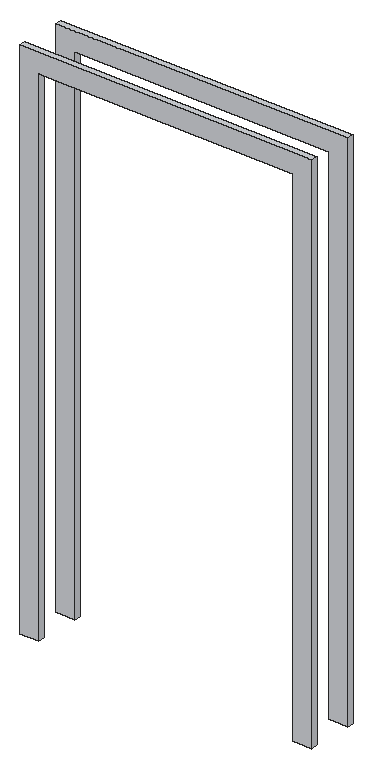
Revit family "Porta-1 Folha", category Portas, Revit 2015
Parameters
  Função = Interior
  Projeção da estrutura externa = 25 mm
  Projeção da estrutura interna = 25 mm
  Largura da estrutura = 75 mm
  Altura = 2000 mm
  Fechamento da parede = Por hospedeiro
  Largura = 1000 mm
Reference planes
  plane 1: y = 0
  plane 2 "Centro (Esquerda/Direita)": x = 0
  plane 3 "Esquerda": x = -500
  plane 4 "Direita": x = 500
  plane 5: z = 2000
  plane 6 "Exterior": y = 75
  plane 7 "Interior": y = -75
Forms (mm)
  Extrusion 1, solid
    sketch origin (-3050, -75, 0) x (1, 0, 0) y (0, 0, 1)
      loop
        line (2475, 0) -> (2550, 0) -> (2550, 2000) -> (3550, 2000) -> (3550, 0) -> (3625, 0) -> (3625, 2075) -> (2475, 2075) -> (2475, 0)
    from 0 to 25
  Extrusion 2, solid
    sketch origin (-3050, 75, 0) x (-1, 0, 0) y (0, 0, 1)
      loop
        line (-2550, 0) -> (-2475, 0) -> (-2475, 2075) -> (-3625, 2075) -> (-3625, 0) -> (-3550, 0) -> (-3550, 2000) -> (-2550, 2000) -> (-2550, 0)
    from 0 to 25
Lines and regions (mm)
  Opening 1
    outline origin (-3050, -75, 0) x (1, 0, 0) y (0, 0, 1)
      loop
        line (2550, 0) -> (3550, 0) -> (3550, 2000) -> (2550, 2000) -> (2550, 0)
  symbolic lines, style "Giro da elevação"
    curve 1: line (500, -75, 1000) -> (-500, -75, 2000)
    curve 2: line (500, -75, 1000) -> (-500, -75, 0)
Text (mm)
  text "Exterior" at (-2295.016, 1099.543, 0), in view "Nível de referência"
  text "Exterior" at (0, 1615.38, 3698.081), in view "Esquerda"
  text "Exterior" at (0, 1036.032, 3874.932), in view "Direita"
Dimensions and locks
  equal spacing: plane 3 "Esquerda", plane 2 "Centro (Esquerda/Direita)", plane 4 "Direita"
  "Largura": plane 3 "Esquerda" to plane 4 "Direita"
  "Altura": plane 5 to host wall
  equal spacing: host wall, curve 2, plane 5
  host wall to plane 5 = 2000 mm
  "Projeção da estrutura externa": Extrusion 2 to Extrusion 2
  "Projeção da estrutura interna": Extrusion 1 to Extrusion 1
  "Largura da estrutura": plane 3 "Esquerda" to Extrusion 1 sketch curve
  "Largura da estrutura": plane 4 "Direita" to Extrusion 1 sketch curve
  "Largura da estrutura": Extrusion 1 sketch curve to plane 5
  "Largura da estrutura": plane 4 "Direita" to Extrusion 2 sketch curve
  "Largura da estrutura": plane 3 "Esquerda" to Extrusion 2 sketch curve
  "Largura da estrutura": plane 5 to Extrusion 2 sketch curve
  locked: plane 6 "Exterior" to host wall at 0
  locked: plane 7 "Interior" to host wall
  aligned and locked: plane 3 "Esquerda" to Opening 1 sketch curve
  aligned and locked: plane 5 to Opening 1 sketch curve  (x2)
  aligned and locked: Opening 1 sketch curve to plane 4 "Direita"
  aligned and locked: Opening 1 sketch curve to level
  aligned and locked: level to Extrusion 1 sketch curve
  aligned and locked: plane 5 to Extrusion 1 sketch curve  (x2)
  aligned and locked: Extrusion 1 sketch curve to plane 4 "Direita"
  aligned and locked: plane 3 "Esquerda" to Extrusion 1 sketch curve
  aligned and locked: plane 3 "Esquerda" to Extrusion 2 sketch curve
  aligned and locked: plane 5 to Extrusion 2 sketch curve  (x2)
  aligned and locked: level to Extrusion 2 sketch curve
  aligned and locked: plane 5 to curve 1
  aligned and locked: plane 3 "Esquerda" to curve 2
  aligned and locked: plane 1 to host wall
  aligned and locked: plane 3 "Esquerda" to curve 1
Automatic sketch dimensions
  Extrusion 2 sketch curve to plane 4 "Direita" = 0 mm
  Extrusion 1 sketch curve to level = 0 mm
  Extrusion 2 sketch curve to level = 0 mm
  plane 4 "Direita" to curve 2 = 0 mm
  curve 2 to level = 0 mm
